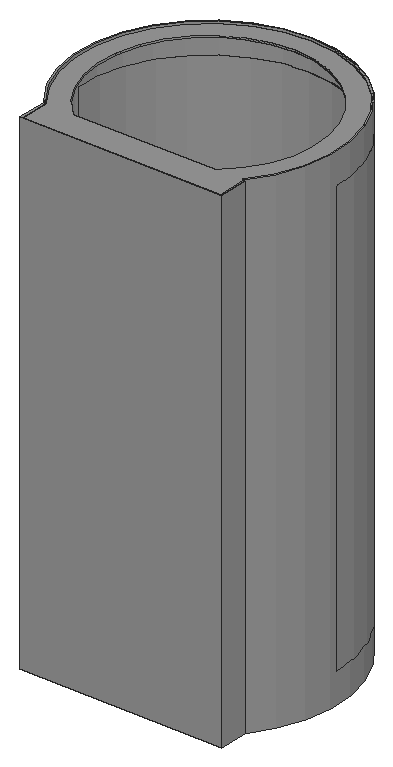
Revit family "3325 Björk_Waste bin", category Furniture Systems, host Wall, Revit 2018
Family settings
  Host = Wall
  Round Connector Dimension = Use Diameter
  Part Type = Normal
  Always vertical = Yes
  Cut with Voids When Loaded = No
  Shared = No
  Room Calculation Point = No
Parameters (values of type "BLACK")
  URL = "http://www.dandryer.com/en-gb/products/waste-sanitary-bins"
  Manufacturer = "Dan Dryer A/S"
  Karosseri = BLACK
  Front = BLACK
  Description = "Waste bin"
Reference planes
  plane 1 "Wall": y = 0
  plane 2 "Center (Left/Right)": x = 125
  plane 3 "Back": y = 75
Text (mm)
  text "Placement Side" at (-1848.837, 1116.779, 0), in view "Ref. Level"
  text "Placement side" at (0, 1409.804, 2854.306), in view "Left"
  text "Placement side" at (0, 499.811, 2980.732), in view "Right"
Dimensions and locks
  locked: plane 3 "Back" to host wall
  aligned and locked: plane 1 "Wall" to host wall
  aligned and locked: nested 1 to plane 3 "Back"
Nested families
  nested 1: "Master 3320 Waste bin" at (123.673, 75, 360) x (-1, 0, 0) z (0, 0, 1), type "Master 3320 Waste bin"
Definition of nested family "Master 3320 Waste bin"
  Parameters (values of type "Master 3320 Waste bin")
    Karosseri = none
    Front = none
  Reference planes
    plane 1 "Center (Front/Back)": y = 0
    plane 2: z = 0
    plane 3 "Center (Left/Right)": x = 0
  Forms (mm)
    Extrusion 1, solid, material <- "Karosseri"
      sketch origin (0, -111, 0) x (1, 0, 0) y (0, 1, 0)
        loop
          arc (-101.5, 81.227) -> (0, -130) -> (101.5, 81.227) r 130
          line (101.5, 81.227) -> (99.572, 81.227)
          arc (99.572, 81.227) -> (0, -128.5) -> (-99.572, 81.227) r 128.5
          line (-99.572, 81.227) -> (-101.5, 81.227)
      from 0 to 500
    Extrusion 2, solid, material <- "Karosseri"
      sketch origin (0, -111, 0) x (1, 0, 0) y (0, 1, 0)
        loop
          line (-101.5, 111) -> (-101.5, 81.227) -> (-99.572, 81.227) -> (-99.572, 109.5) -> (99.572, 109.5) -> (99.572, 81.227) -> (101.5, 81.227) -> (101.5, 111) -> (-101.5, 111)
      from 0 to 498
    Extrusion 3, solid, material <- "Karosseri"
      sketch origin (-149.841, -111, 498) x (0, -1, 0) y (-1, 0, 0)
        loop
          line (-81.227, -77.907) -> (-81.227, -221.775)
          arc (-81.227, -221.775) -> (108.5, -149.841) -> (-81.227, -77.907) r 108.5
        loop
          arc (-81.227, -249.413) -> (128.5, -149.841) -> (-81.227, -50.27) r 128.5
          line (-81.227, -50.27) -> (-109.5, -50.27) -> (-109.5, -249.413) -> (-81.227, -249.413)
      from 0 to 1.5
    Extrusion 4, solid, material <- "Karosseri"
      sketch origin (0, -111, 0) x (1, 0, 0) y (0, 1, 0)
        loop
          line (99.572, 109.5) -> (-99.572, 109.5) -> (-99.572, 81.227)
          arc (-99.572, 81.227) -> (0, -128.5) -> (99.572, 81.227) r 128.5
          line (99.572, 81.227) -> (99.572, 109.5)
      from 0 to 1.5
    Extrusion 5, void
      sketch origin (168.514, -111, 31) x (0, -1, 0) y (-1, 0, 0)
        loop
          spline (-4.107, 32.134) -> (30.905, 36.156) -> (63.683, 49.102) -> (91.994, 70.091) -> (113.907, 97.691) -> (127.931, 130.023) -> (133.108, 164.883) -> (129.086, 199.895) -> (116.14, 232.673) -> (95.152, 260.983) -> (67.551, 282.897) -> (35.219, 296.92) -> (0.359, 302.097)
          line (0.359, 302.097) -> (-4.107, 32.134)
      from 0 to -438
    Extrusion 6, solid, material <- "Front"
      sketch origin (0, -111, 0) x (1, 0, 0) y (0, 1, 0)
        loop
          arc (128.438, 3.975) -> (2.125, -128.482) -> (-128.5, -0.275) r 128.5
          line (-128.5, -0.275) -> (-129.997, 0.869)
          arc (-129.997, 0.869) -> (2.112, -129.983) -> (129.9, 5.092) r 130
          line (129.9, 5.092) -> (128.438, 3.975)
      from 31 to 469
  Cuts and joins
    Extrusion 5 cuts Extrusion 1
    Extrusion 5 cuts Extrusion 4
  Dimensions and locks
    aligned and locked: level to plane 2
    aligned and locked: Extrusion 6 to cut or joined group of Extrusion 1, Extrusion 5  (x4)
